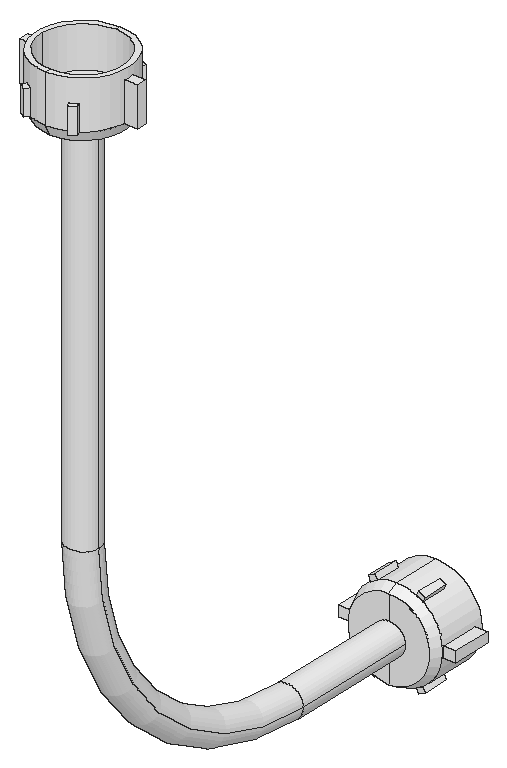
Revit family "380140001_Griflex Lavamanos-Lavaplatos De 40cm", category Pipe Accessories, Revit 2019
Family settings
  Round Connector Dimension = Use Diameter
  Part Type = Normal
  OmniClass Number = 23.27.43.00
  OmniClass Title = Pipe Fittings
  Work Plane-Based = No
  Always vertical = Yes
  Cut with Voids When Loaded = No
  Shared = No
Parameters
  Work Temperature = "4ºC - 71ºC (39,2ºF - 160ºF)."  # constant formula
  Warranty = "5 years"  # constant formula
  URL = "https://corona.co/productos/plomeria/regulaciones-y-acoples/griflex-para-lavamanos-o-lavaplatos-de-40cm/p/380140001"
  Radius = 100 mm
  Net Weight approx = "10gr. (0.0220  lb.)"  # constant formula
  Minimum pressure = "Presión mínima 20 Psi"  # constant formula
  Maximum working pressure (gauge) = "125 Psi"  # constant formula
  Material = Corona_Plastico_Blanco
  Intermittent impulse pressure (Life Cycle) = "100.000 Ciclos"  # constant formula
  Height = 250 mm
  Gross Weight approx = "14 gr. (0,0309 lb.)"  # constant formula
  Diameter = 12.7 mm
  Description = "Adquiere ahora el conector plástico de alta flexibilidad para lavamanos o lavaplatos, cuenta con acabados en blanco mate. Está fabricado en plástico flexible y hecho con los más altos estándares de calidad."  # constant formula
  Depth = 150 mm
  Date Created = "07/08/2019"  # constant formula
  Created by = "IDD"  # constant formula
Reference planes
  plane 1 "Center (Front/Back)": y = 0
  plane 2: z = 0
  plane 3 "Center (Left/Right)": x = 0
  plane 4: y = -150
  plane 5: z = 250
Forms (mm)
  Sweep 1, solid, material "Corona_Plastico_Blanco" <- "Material"
    path origin (0, 0, 0) x (0, 1, 0) y (0, 0, 1)
      loop
        line (-150, 250) -> (-150, 100)
        arc (-150, 100) -> (-120.711, 29.289) -> (-50, 0) r 100
        line (-50, 0) -> (0, 0)
    profile origin (0, -150, 175) x (1, 0, 0) y (0, 1, 0)
      loop
        circle (0, 0) r 6.35
Dimensions and locks
  "Height": plane 5 to plane 2
  "Depth": plane 1 "Center (Front/Back)" to plane 4
  "Radius": radius of Sweep 1 sketch curve
  "Diameter": diameter of Sweep 1 sketch curve
  aligned and locked: level to plane 2
  aligned and locked: plane 5 to Sweep 1 sketch curve
  aligned and locked: plane 1 "Center (Front/Back)" to Sweep 1 sketch curve
  aligned and locked: plane 2 to Sweep 1 sketch curve
  aligned and locked: Sweep 1 sketch curve to plane 4
  aligned and locked: plane 3 "Center (Left/Right)" to nested 1
  aligned and locked: plane 4 to nested 1
  aligned and locked: nested 1 to plane 5
  aligned and locked: plane 2 to nested 2
  aligned and locked: nested 2 to Sweep 1
  aligned and locked: plane 3 "Center (Left/Right)" to nested 2
Automatic sketch dimensions
  Sweep 1 sketch curve to plane 3 "Center (Left/Right)" = 0 mm
  profile plane to Sweep 1 sketch curve = 0 mm
Nested families
  nested 1: "Family3" at (0, -150, 250), type "Family3"
  nested 2: "Family4" at (0, 11.5, -11.5), type "Family4"
Connectors
  piping at (0, 6.61, 0), diameter 12.7, driven by "Diameter"
    settings: on nested 2, index 1, connector inside diameter 609.6 mm, connector length 0 mm, flow factor 0, pipe flow 0.0 L/s, pressure drop 0.0 Pa, fitting loss kfactor 0, connector angle 0.00°, fixture units 0, engagement length 0 mm, angle of deflection 0.00°, flow configuration 0, flow direction 0, fitting loss method 0, system type 20, joint type 0, gender type 0, connector reference index -1, connector utility 0, adjustable connector no, is connector primary yes, connector description ""
  piping at (0, -150, 256.61), diameter 12.7, driven by "Diameter"
    settings: on nested 1, index 2, connector inside diameter 609.6 mm, connector length 0 mm, flow factor 0, pipe flow 0.0 L/s, pressure drop 0.0 Pa, fitting loss kfactor 0, connector angle 0.00°, fixture units 0, engagement length 0 mm, angle of deflection 0.00°, flow configuration 0, flow direction 0, fitting loss method 0, system type 20, joint type 0, gender type 0, connector reference index -1, connector utility 0, adjustable connector no, is connector primary no, connector description ""
Definition of nested family "Family3"
  Parameters
    Material = none
  Reference planes
    plane 1 "Center (Front/Back)": y = 0
    plane 2: z = 0
    plane 3 "Center (Left/Right)": x = 0
  Forms (mm)
    Revolve 1, solid, material <- "Material"
      sketch origin (0, 0, 23) x (0, -1, 0) y (0, 0, -1)
        loop
          line (0, 0) -> (18, 0) -> (18, 19) -> (16.004, 23) -> (0, 23) -> (0, 0)
        axis (0, 0) -> (0, 23)
      angle from 0 to 360
    Extrusion 2, solid, material <- "Material"
      sketch origin (0, 0, -5) x (0, -1, 0) y (1, 0, 0)
        loop
          line (14.85, -10.172) -> (16.653, -11.195) -> (18.138, -8.58) -> (16.337, -7.557)
          arc (16.337, -7.557) -> (15.648, -8.896) -> (14.85, -10.172) r 18
        loop
          arc (14.85, 10.172) -> (15.648, 8.896) -> (16.337, 7.557) r 18
          line (16.337, 7.557) -> (18.138, 8.58) -> (16.653, 11.195) -> (14.85, 10.172)
        loop
          arc (-14.85, -10.172) -> (-15.648, -8.896) -> (-16.337, -7.557) r 18
          line (-16.337, -7.557) -> (-18.138, -8.58) -> (-16.653, -11.195) -> (-14.85, -10.172)
        loop
          line (-14.85, 10.172) -> (-16.653, 11.195) -> (-18.138, 8.58) -> (-16.337, 7.557)
          arc (-16.337, 7.557) -> (-15.648, 8.896) -> (-14.85, 10.172) r 18
      from 9 to 19
    Extrusion 3, solid, material <- "Material"
      sketch origin (0, 0, 0.5) x (0, -1, 0) y (1, 0, 0)
        loop
          line (1.978, -22.982) -> (1.978, -17.891)
          arc (1.978, -17.891) -> (0, -18) -> (-1.978, -17.891) r 18
          line (-1.978, -17.891) -> (-1.978, -22.982) -> (1.978, -22.982)
        loop
          line (1.978, 22.982) -> (-1.978, 22.982) -> (-1.978, 17.891)
          arc (-1.978, 17.891) -> (0, 18) -> (1.978, 17.891) r 18
          line (1.978, 17.891) -> (1.978, 22.982)
      from 3.481 to 19
    Extrusion 4, void
      sketch origin (0, 0, 0) x (1, 0, 0) y (0, 1, 0)
        loop
          circle (0, 0) r 16.004
      from 6.61 to 23
  Cuts and joins
    Extrusion 4 cuts Revolve 1
  Dimensions and locks
    aligned and locked: level to plane 2
    aligned and locked: Extrusion 2 to Revolve 1
Definition of nested family "Family4"
  Parameters
    Material = none
  Reference planes
    plane 1 "Center (Front/Back)": y = 0
    plane 2: z = 0
    plane 3 "Center (Left/Right)": x = 0
  Forms (mm)
    Revolve 1, solid, material <- "Material"
      sketch origin (0, 11.5, 11.5) x (0, 0, 1) y (0, -1, 0)
        loop
          line (0, 0) -> (18, 0) -> (18, 19) -> (16.004, 23) -> (0, 23) -> (0, 0)
        axis (0, 0) -> (0, 23)
      angle from 0 to 360
    Extrusion 2, void
      sketch origin (0, -11.5, 11.5) x (1, 0, 0) y (0, 0, -1)
        loop
          circle (0, 0) r 16.004
      from 6.61 to 23
    Extrusion 3, solid, material <- "Material"
      sketch origin (0, 2.5, 11.5) x (1, 0, 0) y (0, 0, 1)
        loop
          arc (-10.172, 14.85) -> (-8.896, 15.648) -> (-7.557, 16.337) r 18
          line (-7.557, 16.337) -> (-8.58, 18.138) -> (-11.195, 16.653) -> (-10.172, 14.85)
        loop
          line (10.172, 14.85) -> (11.195, 16.653) -> (8.58, 18.138) -> (7.557, 16.337)
          arc (7.557, 16.337) -> (8.896, 15.648) -> (10.172, 14.85) r 18
        loop
          line (-10.172, -14.85) -> (-11.195, -16.653) -> (-8.58, -18.138) -> (-7.557, -16.337)
          arc (-7.557, -16.337) -> (-8.896, -15.648) -> (-10.172, -14.85) r 18
        loop
          arc (10.172, -14.85) -> (8.896, -15.648) -> (7.557, -16.337) r 18
          line (7.557, -16.337) -> (8.58, -18.138) -> (11.195, -16.653) -> (10.172, -14.85)
      from 0 to 10
    Extrusion 4, solid, material <- "Material"
      sketch origin (0, 8, 11.5) x (1, 0, 0) y (0, 0, 1)
        loop
          line (-22.982, 1.978) -> (-22.982, -1.978) -> (-17.891, -1.978)
          arc (-17.891, -1.978) -> (-18, 0) -> (-17.891, 1.978) r 18
          line (-17.891, 1.978) -> (-22.982, 1.978)
        loop
          line (22.982, 1.978) -> (17.891, 1.978)
          arc (17.891, 1.978) -> (18, 0) -> (17.891, -1.978) r 18
          line (17.891, -1.978) -> (22.982, -1.978) -> (22.982, 1.978)
      from 0 to 15.5
  Cuts and joins
    Extrusion 2 cuts Revolve 1
  Dimensions and locks
    aligned and locked: level to plane 2
    aligned and locked: Extrusion 3 to cut or joined group of Revolve 1, Extrusion 2
